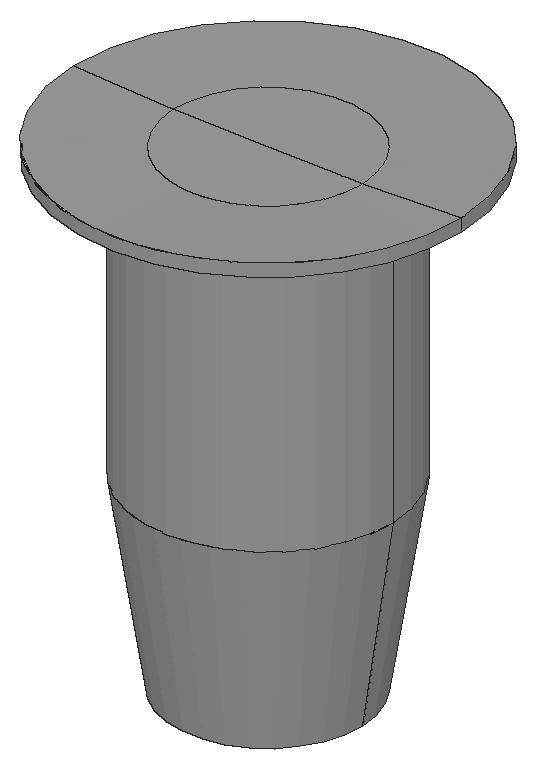
Revit family "0059821 Feilo Sylvania Lighting Fixture SYLFIRE LED G2 WH FIX WW DIM DC", category Lighting Fixtures, host Face, Revit 2017
Family settings
  Host = Face
  Round Connector Dimension = Use Diameter
  Part Type = Normal
  OmniClass Number = 23.80.70.00
  OmniClass Title = Lighting
  Cut with Voids When Loaded = No
  Light Source = Yes
  Shared = No
  Room Calculation Point = No
Parameters (values of type "0059821 SYLFIRE LED G2 WH FIX WW DIM DC")
  Weight = "8.66 kg"
  Wattage Comments = ""
  Wattage = 8 W
  WarrantyStartDate [instance] = "n/a"
  WarrantyGuarantorParts = "n/a"
  WarrantyDurationUnit = "n/a"
  WarrantyDurationParts = "n/a"
  WarrantyDescription = "n/a"
  built-in parameter 1150110 = 1 (stored number, unit not read)
  Voltage = 230 V
  URL = "http://www.sylvania-lighting.com"
  TypeName = "SYLFIRE LED G2 WH FIX WW DIM DC"
  Type Image = <None>
  Type Comments = "n/a"
  built-in parameter 1114217 = 1 (stored number, unit not read)
  Tilt Angle = -90.00°
  built-in parameter 1150109 = 1 (stored number, unit not read)
  built-in parameter 1150134 = (empty or 0)
  built-in parameter 1150113 = 1 (stored number, unit not read)
  SerialNumber [instance] = "n/a"
  Photometric Web File = "0059821.ies"
  Material_3_FEILO = none
  PowerFactor = 0.85
  PowerConsumption = "8 W"
  NominalLength = 90 mm
  NominalHeight = 111 mm
  NominalDepth = 90 mm
  Name = "SYLFIRE LED G2 WH FIX WW DIM DC"
  ModelReference = Name  # "SYLFIRE LED G2 WH FIX WW DIM DC"
  ModelNumber = "0059821"
  Model = Name  # "SYLFIRE LED G2 WH FIX WW DIM DC"
  Material = "aluminium housing"
  ManufacturerName = "Feilo Sylvania"
  Manufacturer = "Feilo Sylvania"
  LuminousEfficacy = "75 lm/W"
  built-in parameter 1150105 = 927 (stored number, unit not read)
  Lumens = 600 lm
  LuminaireType = ""
  built-in parameter 1150115 = 1 (stored number, unit not read)
  LightOutputRatio = "n/a"
  built-in parameter 1150137 = (empty or 0)
  built-in parameter 1150139 = (empty or 0)
  LampsType = Lamp  # "LED"
  LampNominalLuminous = "600 lm"
  LampMacAdamStep = "n/a"
  LampColourTemperature = "3000 K"
  LampColourRenderingIndex = "80"
  built-in parameter 1150112 = 1 (stored number, unit not read)
  built-in parameter 1150114 = 1 (stored number, unit not read)
  Lamp = "LED"
  Keynote = "16500"
  InstallationDate [instance] = "n/a"
  InputVoltage = "220-240V~"
  InputNominalFrequency = "50/60 Hz"
  built-in parameter 1150132 = (empty or 0)
  built-in parameter 1150102 = (empty or 0)
  built-in parameter 1150107 = 3000 (stored number, unit not read)
  built-in parameter 1150138 = (empty or 0)
  IngressProtection = "IP65"
  ImpactProtectionIndex = "IK06"
  built-in parameter 1150106 = 9.27 (stored number, unit not read)
  IfcExportType = "IfcLightFixtureType"
  IfcExportAs = "IfcLightFixtureType"
  ExpectedLife = 50000
  Emit from Circle Diameter = 44 mm
  Emit Shape Visible in Rendering = no
  ElectricShockClassification = "Class II"
  built-in parameter 1150104 = 6.9677 (stored number, unit not read)
  DurationUnit = "hours"
  DocumentationLiterature = "http://www.sylvania-lighting.com/product/en-int/products/0059821"
  DimmingControlOptions = "Non dimmable"
  Material_2_FEILO = LED-Sylvania-SylFire
  Dimming Lamp Color Temperature Shift = <None>
  Description = "IP65 LED downlight, fire rated for 30, 60 and 90 minutes. 8W up to 620 lumen output."
  Default Elevation = 1219.2 mm
  CreatedOn = "2/15/2018"
  CreatedBy = ""
  Cost = 0
  Color Filter = 16777215
  built-in parameter 1114216 [instance] = (empty or 0)
  ClassificationValue = "EF_70_80"
  ClassificationName = "Uniclass2015"
  Material_1_FEILO = Body-Sylvania-SylFire-White
  BarCode [instance] = "n/a"
  built-in parameter 1114218 = 1 (stored number, unit not read)
  built-in parameter 1150133 = 10 (stored number, unit not read)
  AssetType = "Fixed"
  AssetIdentifier [instance] = "n/a"
  Assembly Code = "D5020200"
  Apparent Load = 8 VA
  Material_4_FEILO = none
Reference planes
  plane 1 "Center (Front/Back)": y = 0
  plane 2: z = 0
  plane 3 "Center (Left/Right)": x = 0
  plane 4: x = 45
  plane 5: x = -45
  plane 6: x = 37.5
  plane 7: x = -37.5
  plane 8: x = -32.5
  plane 9: x = -29.3
  plane 10: z = -3.4
  plane 11: z = -4.4
  plane 12: z = -120
  plane 13: z = -111
  plane 14: z = -66
  plane 15: x = -22
  plane 16: z = 3
  plane 17: z = 2
  plane 18: x = -30.3
Forms (mm)
  Revolve 1, solid, material "Body-Sylvania-SylFire-White" <- "Material_1_FEILO"
    sketch origin (0, 0, 0) x (1, 0, 0) y (0, 0, 1)
      loop
        line (0, 2) -> (-22, 2) -> (-45, 3) -> (-45, 0) -> (-32.5, 0) -> (-32.5, -3.4) -> (-30.3, -3.4) -> (-29.3, -4.4) -> (-29.3, -66) -> (-22, -111) -> (0, -111) -> (0, 2)
      axis (0, 3) -> (0, -111)
    angle from 360 to 0
  Revolve 2, void
    sketch origin (0, 0, 0) x (1, 0, 0) y (0, 0, 1)
      loop
        line (0, 0) -> (-37.5, 0) -> (-37.5, -120) -> (0, -120) -> (0, 0)
      axis (0, 0) -> (0, -120)
    angle from 360 to 0
Dimensions and locks
  equal spacing: plane 6, plane 3 "Center (Left/Right)", plane 7
  locked: plane 6 to plane 7 at 75
  equal spacing: plane 4, plane 3 "Center (Left/Right)", plane 5
  locked: plane 4 to plane 5 at 90
  locked: plane 3 "Center (Left/Right)" to plane 8 at 32.5
  locked: plane 9 to plane 8 at 3.2
  locked: plane 2 to plane 10 at 3.4
  locked: plane 10 to plane 11 at 1
  locked: plane 2 to plane 12 at 120
  locked: plane 2 to plane 13 at 111
  locked: plane 2 to plane 14 at 66
  locked: plane 3 "Center (Left/Right)" to plane 15 at 22
  locked: plane 16 to plane 2 at 3
  locked: plane 16 to plane 17 at 1
  locked: plane 9 to plane 18 at 1
  aligned and locked: plane 2 to host face
  aligned and locked: level to host face
  aligned and locked: Revolve 1 sketch curve to plane 3 "Center (Left/Right)"
  aligned and locked: plane 3 "Center (Left/Right)" to Revolve 1 sketch curve  (x2)
  aligned and locked: plane 15 to Revolve 1 sketch curve
  aligned and locked: Revolve 1 sketch curve to plane 5
  aligned and locked: Revolve 1 sketch curve to plane 8
  aligned and locked: Revolve 1 sketch curve to plane 9
  aligned and locked: plane 13 to Revolve 1 sketch curve
  aligned and locked: plane 10 to Revolve 1 sketch curve
  aligned and locked: plane 18 to Revolve 1 sketch curve
  aligned and locked: Revolve 2 sketch curve to plane 3 "Center (Left/Right)"
  aligned and locked: Revolve 2 sketch curve to Revolve 1
  aligned and locked: plane 3 "Center (Left/Right)" to Revolve 2 sketch curve
  aligned and locked: plane 12 to Revolve 2 sketch curve
  aligned and locked: Revolve 2 sketch curve to plane 7
  aligned and locked: plane 3 "Center (Left/Right)" to imposter light
  aligned and locked: imposter light to plane 17
  aligned and locked: imposter light to plane 1 "Center (Front/Back)"
  aligned and locked: Revolve 1 sketch curve to plane 17
Automatic sketch dimensions
  host sketch curve to host sketch curve = 2438.4 mm  (x2)
  Revolve 1 sketch curve to plane 15 = 0 mm
  Revolve 1 sketch curve to plane 14 = 0 mm
  Revolve 1 sketch curve to plane 11 = 0 mm
  Revolve 1 sketch curve to level = 0 mm
  plane 12 to Revolve 1 sketch curve = 489.6 mm
  Revolve 1 sketch curve to plane 16 = 2604.058 mm
  plane 12 to Revolve 2 sketch curve = 489.6 mm
  Revolve 2 sketch curve to plane 16 = 2606.058 mm
  Revolve 1 sketch curve to plane 16 = 0 mm
Connectors
  electrical at (0, 0, 0), driven by "Apparent Load", driven by "PowerFactor", driven by "Voltage"
    settings: index 1, voltage 230 V, apparent load 8 VA, apparent load phase1 0 VA, apparent load phase2 0 VA, apparent load phase3 0 VA, power factor 0.85, load classification "Lighting", number of poles 1, system type 30, power factor state 1, is connector primary yes, connector utility no, sub classification motor no, connector description ""
